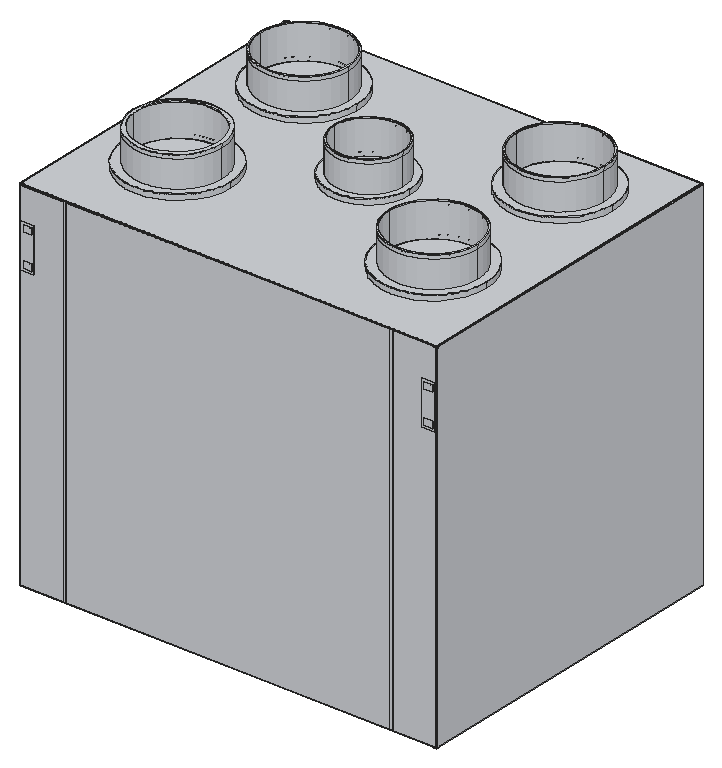
Revit family "Flexit Nordic S 4 R E 800 R 230", category Mechanical Equipment, Revit 2018
Family settings
  Round Connector Dimension = Use Radius
  Part Type = Normal
  Work Plane-Based = No
  Always vertical = Yes
  Cut with Voids When Loaded = No
  Shared = No
  Room Calculation Point = No
Parameters
  magiProductId = "Flexit Nordic S 4 R E 800 R 230"
  magiPartTypeId = 210
  magiFamilyGeom = MagiCAD_Flexit Nordic S 4 R E 800 R 230 : MagiCAD_Flexit Nordic S 4 R E 800 R 230
  Ytelse  SFP-sum vinter [instance] = "0.97 kJ/m³"
  Weight = 0.00 kg
  Vifte, tilluft  Vinter  Vifteinstilling [instance] = "60 %"
  Vifte, avtrekksluft  Vinter  Vifteinstilling [instance] = "60 %"
  VersionID = "1.0/2020.0"
  Varmegjenvinning  Vinter  Komponentvirkningsgrad, tilluft (EN308) [instance] = "85 %"
  Varmegjenvinning  Vinter  Aggregatvirkningsgrad, tilluft (EN13141-7) [instance] = "83 %"
  Uteluft [instance] = "160 mm"
  Tilluftskanal, vinter [instance] = "37 47 54 55 52 52 44 35 dB(A)"
  Tilluft  Trykkfall vinter [instance] = 80.0 Pa
  Tilluft  Luftmengde vinter [instance] = "0.075 m³/s"
  Tilluft [instance] = "160 mm"
  Supply 1 Sound power level [instance] = "63 64 62 58 52 51 43 36 dB"
  Supply 1 Pressure drop min [instance] = 72.0 Pa
  Supply 1 Pressure drop max [instance] = 88.0 Pa
  Supply 1 Pressure drop [instance] = 80.0 Pa
  Supply 1 Airflow operation point min [instance] = 71.25 L/s
  Supply 1 Airflow operation point max [instance] = 78.75 L/s
  Supply 1 Airflow min [instance] = 27.7 L/s
  Supply 1 Airflow max [instance] = 138.8 L/s
  Supply 1 Airflow [instance] = 75.0 L/s
  Resultater  Vekt [instance] = "62 kg"
  Productdata [instance] = "© MagiCAD Group, all rights reserved"
  Pressure rise, supply [instance] = 80.0 Pa
  Pressure rise, extract [instance] = 80.0 Pa
  Outdoor 1 Sound power level [instance] = "63 64 62 58 52 51 43 36 dB"
  Outdoor 1 Pressure drop min [instance] = 0.0 Pa
  Outdoor 1 Pressure drop max [instance] = 0.0 Pa
  Outdoor 1 Pressure drop [instance] = 0.0 Pa
  Outdoor 1 Airflow operation point min [instance] = 71.25 L/s
  Outdoor 1 Airflow operation point max [instance] = 78.75 L/s
  Outdoor 1 Airflow min [instance] = 27.7 L/s
  Outdoor 1 Airflow max [instance] = 138.8 L/s
  Outdoor 1 Airflow [instance] = 75.0 L/s
  Omgivelse, vinter [instance] = "25 30 33 29 28 32 27 22 dB(A)"
  Kjøkkenkanal [instance] = "125 mm"
  Generelt  Informasjon [instance] = ""
  Generelt  Beskrivelse / Plassering [instance] = ""
  Extract 9 Sound power level [instance] = "55 56 55 40 37 34 24 21 dB"
  Extract 9 Pressure drop min [instance] = 0.0 Pa
  Extract 9 Pressure drop max [instance] = 0.0 Pa
  Extract 9 Pressure drop [instance] = 0.0 Pa
  Extract 9 Airflow operation point min [instance] = 71.25 L/s
  Extract 9 Airflow operation point max [instance] = 78.75 L/s
  Extract 9 Airflow min [instance] = 27.7 L/s
  Extract 9 Airflow max [instance] = 138.8 L/s
  Extract 9 Airflow [instance] = 75.0 L/s
  Extract 1 Sound power level [instance] = "55 56 55 40 37 34 24 21 dB"
  Extract 1 Pressure drop min [instance] = 72.0 Pa
  Extract 1 Pressure drop max [instance] = 88.0 Pa
  Extract 1 Pressure drop [instance] = 80.0 Pa
  Extract 1 Airflow operation point min [instance] = 71.25 L/s
  Extract 1 Airflow operation point max [instance] = 78.75 L/s
  Extract 1 Airflow min [instance] = 27.7 L/s
  Extract 1 Airflow max [instance] = 138.8 L/s
  Extract 1 Airflow [instance] = 75.0 L/s
  Exhaust 1 Sound power level [instance] = "55 56 55 40 37 34 24 21 dB"
  Exhaust 1 Pressure drop min [instance] = 0.0 Pa
  Exhaust 1 Pressure drop max [instance] = 0.0 Pa
  Exhaust 1 Pressure drop [instance] = 0.0 Pa
  Exhaust 1 Airflow operation point min [instance] = 71.25 L/s
  Exhaust 1 Airflow operation point max [instance] = 78.75 L/s
  Exhaust 1 Airflow min [instance] = 27.7 L/s
  Exhaust 1 Airflow max [instance] = 138.8 L/s
  Exhaust 1 Airflow [instance] = 75.0 L/s
  Dimensjoner [instance] = "753x600x715 mm"
  Avtrekkskanal, vinter [instance] = "29 40 46 37 37 35 25 20 dB(A)"
  Avtrekk  Trykkfall vinter [instance] = 80.0 Pa
  Avtrekk  Luftmengde vinter [instance] = "0.075 m³/s"
  Avtrekk [instance] = "160 mm"
  Avkast [instance] = "160 mm"
Reference planes
  plane 1 "Center (Front/Back)": y = 0
  plane 2: z = 0
  plane 3 "Center (Left/Right)": x = 0
Forms (mm)
  Extrusion 1, solid, not visible
    sketch origin (146, 174, 715) x (1, 0, 0) y (0, 1, 0)
      loop
        line (15.24, 15.24) -> (-15.24, 15.24) -> (-15.24, -15.24) -> (15.24, -15.24) -> (15.24, 15.24)
    from 0 to -30.48
  Extrusion 2, solid, not visible
    sketch origin (607, 174, 715) x (1, 0, 0) y (0, 1, 0)
      loop
        line (15.24, 15.24) -> (-15.24, 15.24) -> (-15.24, -15.24) -> (15.24, -15.24) -> (15.24, 15.24)
    from 0 to -30.48
  Extrusion 3, solid, not visible
    sketch origin (146, 459, 715) x (1, 0, 0) y (0, 1, 0)
      loop
        line (15.24, 15.24) -> (-15.24, 15.24) -> (-15.24, -15.24) -> (15.24, -15.24) -> (15.24, 15.24)
    from 0 to -30.48
  Extrusion 4, solid, not visible
    sketch origin (376.5, 316, 715) x (1, 0, 0) y (0, 1, 0)
      loop
        line (15.24, 15.24) -> (-15.24, 15.24) -> (-15.24, -15.24) -> (15.24, -15.24) -> (15.24, 15.24)
    from 0 to -30.48
  Extrusion 5, solid, not visible
    sketch origin (607, 459, 715) x (1, 0, 0) y (0, 1, 0)
      loop
        line (15.24, 15.24) -> (-15.24, 15.24) -> (-15.24, -15.24) -> (15.24, -15.24) -> (15.24, 15.24)
    from 0 to -30.48
Text (mm)
  text "© MagiCAD Group, all rights reserved" at (-487.68, -1524, 0), in view "Ref. Level"
Nested families
  nested 1: "MagiCAD_Flexit Nordic S 4 R E 800 R 230" at (0, 0, 0), type <- "magiFamilyGeom", type "MagiCAD_Flexit Nordic S 4 R E 800 R 230"
Connectors
  hvac at (146, 174, 715)
    settings: on Extrusion 1, index 1, duct flow 0.0 L/s, flow factor 0, pres drop 0.0 Pa, loss coef 0, conn angle 0.00°, conn width 304.8 mm, conn height 304.8 mm, conn diameter 160 mm, duct sys type 1, conn prof type 0, flow config 0, flow direction 2, loss method 0, conn ref index -1, conn util no, is conn primary yes, conn desc "Supply 1"
  hvac at (607, 174, 715)
    settings: on Extrusion 2, index 2, duct flow 0.0 L/s, flow factor 0, pres drop 0.0 Pa, loss coef 0, conn angle 0.00°, conn width 304.8 mm, conn height 304.8 mm, conn diameter 160 mm, duct sys type 1, conn prof type 0, flow config 0, flow direction 1, loss method 0, conn ref index -1, conn util no, is conn primary no, conn desc "Outdoor 1"
  hvac at (146, 459, 715)
    settings: on Extrusion 3, index 3, duct flow 0.0 L/s, flow factor 0, pres drop 0.0 Pa, loss coef 0, conn angle 0.00°, conn width 304.8 mm, conn height 304.8 mm, conn diameter 160 mm, duct sys type 2, conn prof type 0, flow config 0, flow direction 1, loss method 0, conn ref index -1, conn util no, is conn primary no, conn desc "Extract 1"
  hvac at (376.5, 316, 715)
    settings: on Extrusion 4, index 4, duct flow 0.0 L/s, flow factor 0, pres drop 0.0 Pa, loss coef 0, conn angle 0.00°, conn width 304.8 mm, conn height 304.8 mm, conn diameter 125 mm, duct sys type 2, conn prof type 0, flow config 0, flow direction 1, loss method 0, conn ref index -1, conn util no, is conn primary no, conn desc "Extract 9"
  hvac at (607, 459, 715)
    settings: on Extrusion 5, index 5, duct flow 0.0 L/s, flow factor 0, pres drop 0.0 Pa, loss coef 0, conn angle 0.00°, conn width 304.8 mm, conn height 304.8 mm, conn diameter 160 mm, duct sys type 3, conn prof type 0, flow config 0, flow direction 2, loss method 0, conn ref index -1, conn util no, is conn primary no, conn desc "Exhaust 1"
Definition of nested family "MagiCAD_Flexit Nordic S 4 R E 800 R 230"
  Reference planes
    plane 1 "Center (Front/Back)": y = 0
    plane 2: z = 0
    plane 3 "Center (Left/Right)": x = 0
  Forms (mm)
    Extrusion 1, solid
      sketch origin (607, 459, 650) x (1, 0, 0) y (0, 1, 0)
        loop
          circle (0, 0) r 79.9
      from 0 to 2
    Extrusion 2, void
      sketch origin (607, 459, 650) x (1, 0, 0) y (0, 1, 0)
        loop
          circle (0, 0) r 79.7
      from 0.2 to 2
    Extrusion 3, solid
      sketch origin (607, 459, 650) x (1, 0, 0) y (0, 1, 0)
        loop
          circle (0, 0) r 80
      from 0 to 65
    Extrusion 4, void
      sketch origin (607, 459, 650) x (1, 0, 0) y (0, 1, 0)
        loop
          circle (0, 0) r 79.8
      from 0 to 65
    Extrusion 5, solid
      sketch origin (607, 459, 650) x (1, 0, 0) y (0, 1, 0)
        loop
          circle (0, 0) r 96
      from 0 to 10
    Extrusion 6, void
      sketch origin (607, 459, 650) x (1, 0, 0) y (0, 1, 0)
        loop
          circle (0, 0) r 95.8
      from 0 to 10
    Extrusion 7, solid
      sketch origin (607, 459, 708.5) x (1, 0, 0) y (0, 1, 0)
        loop
          circle (0, 0) r 80.05
      from 0 to 6.5
    Extrusion 8, void
      sketch origin (607, 459, 708.5) x (1, 0, 0) y (0, 1, 0)
        loop
          circle (0, 0) r 79.85
      from 0 to 6.5
    Extrusion 9, solid
      sketch origin (146, 459, 650) x (1, 0, 0) y (0, 1, 0)
        loop
          circle (0, 0) r 79.9
      from 0 to 2
    Extrusion 10, void
      sketch origin (146, 459, 650) x (1, 0, 0) y (0, 1, 0)
        loop
          circle (0, 0) r 79.7
      from 0.2 to 2
    Extrusion 11, solid
      sketch origin (146, 459, 650) x (1, 0, 0) y (0, 1, 0)
        loop
          circle (0, 0) r 80
      from 0 to 65
    Extrusion 12, void
      sketch origin (146, 459, 650) x (1, 0, 0) y (0, 1, 0)
        loop
          circle (0, 0) r 79.8
      from 0 to 65
    Extrusion 13, solid
      sketch origin (146, 459, 650) x (1, 0, 0) y (0, 1, 0)
        loop
          circle (0, 0) r 96
      from 0 to 10
    Extrusion 14, void
      sketch origin (146, 459, 650) x (1, 0, 0) y (0, 1, 0)
        loop
          circle (0, 0) r 95.8
      from 0 to 10
    Extrusion 15, solid
      sketch origin (146, 459, 708.5) x (1, 0, 0) y (0, 1, 0)
        loop
          circle (0, 0) r 80.05
      from 0 to 6.5
    Extrusion 16, void
      sketch origin (146, 459, 708.5) x (1, 0, 0) y (0, 1, 0)
        loop
          circle (0, 0) r 79.85
      from 0 to 6.5
    Extrusion 17, solid
      sketch origin (607, 174, 650) x (1, 0, 0) y (0, 1, 0)
        loop
          circle (0, 0) r 79.9
      from 0 to 2
    Extrusion 18, void
      sketch origin (607, 174, 650) x (1, 0, 0) y (0, 1, 0)
        loop
          circle (0, 0) r 79.7
      from 0.2 to 2
    Extrusion 19, solid
      sketch origin (607, 174, 650) x (1, 0, 0) y (0, 1, 0)
        loop
          circle (0, 0) r 80
      from 0 to 65
    Extrusion 20, void
      sketch origin (607, 174, 650) x (1, 0, 0) y (0, 1, 0)
        loop
          circle (0, 0) r 79.8
      from 0 to 65
    Extrusion 21, solid
      sketch origin (607, 174, 650) x (1, 0, 0) y (0, 1, 0)
        loop
          circle (0, 0) r 96
      from 0 to 10
    Extrusion 22, void
      sketch origin (607, 174, 650) x (1, 0, 0) y (0, 1, 0)
        loop
          circle (0, 0) r 95.8
      from 0 to 10
    Extrusion 23, solid
      sketch origin (607, 174, 708.5) x (1, 0, 0) y (0, 1, 0)
        loop
          circle (0, 0) r 80.05
      from 0 to 6.5
    Extrusion 24, void
      sketch origin (607, 174, 708.5) x (1, 0, 0) y (0, 1, 0)
        loop
          circle (0, 0) r 79.85
      from 0 to 6.5
    Extrusion 25, solid
      sketch origin (146, 174, 650) x (1, 0, 0) y (0, 1, 0)
        loop
          circle (0, 0) r 79.9
      from 0 to 2
    Extrusion 26, void
      sketch origin (146, 174, 650) x (1, 0, 0) y (0, 1, 0)
        loop
          circle (0, 0) r 79.7
      from 0.2 to 2
    Extrusion 27, solid
      sketch origin (146, 174, 650) x (1, 0, 0) y (0, 1, 0)
        loop
          circle (0, 0) r 80
      from 0 to 65
    Extrusion 28, void
      sketch origin (146, 174, 650) x (1, 0, 0) y (0, 1, 0)
        loop
          circle (0, 0) r 79.8
      from 0 to 65
    Extrusion 29, solid
      sketch origin (146, 174, 650) x (1, 0, 0) y (0, 1, 0)
        loop
          circle (0, 0) r 96
      from 0 to 10
    Extrusion 30, void
      sketch origin (146, 174, 650) x (1, 0, 0) y (0, 1, 0)
        loop
          circle (0, 0) r 95.8
      from 0 to 10
    Extrusion 31, solid
      sketch origin (146, 174, 708.5) x (1, 0, 0) y (0, 1, 0)
        loop
          circle (0, 0) r 80.05
      from 0 to 6.5
    Extrusion 32, void
      sketch origin (146, 174, 708.5) x (1, 0, 0) y (0, 1, 0)
        loop
          circle (0, 0) r 79.85
      from 0 to 6.5
    Extrusion 33, solid
      sketch origin (376.5, 316, 650) x (1, 0, 0) y (0, 1, 0)
        loop
          circle (0, 0) r 62.4
      from 0 to 2
    Extrusion 34, void
      sketch origin (376.5, 316, 650) x (1, 0, 0) y (0, 1, 0)
        loop
          circle (0, 0) r 62.2
      from 0.2 to 2
    Extrusion 35, solid
      sketch origin (376.5, 316, 650) x (1, 0, 0) y (0, 1, 0)
        loop
          circle (0, 0) r 62.5
      from 0 to 65
    Extrusion 36, void
      sketch origin (376.5, 316, 650) x (1, 0, 0) y (0, 1, 0)
        loop
          circle (0, 0) r 62.3
      from 0 to 65
    Extrusion 37, solid
      sketch origin (376.5, 316, 650) x (1, 0, 0) y (0, 1, 0)
        loop
          circle (0, 0) r 75
      from 0 to 10
    Extrusion 38, void
      sketch origin (376.5, 316, 650) x (1, 0, 0) y (0, 1, 0)
        loop
          circle (0, 0) r 74.8
      from 0 to 10
    Extrusion 39, solid
      sketch origin (376.5, 316, 708.5) x (1, 0, 0) y (0, 1, 0)
        loop
          circle (0, 0) r 62.55
      from 0 to 6.5
    Extrusion 40, void
      sketch origin (376.5, 316, 708.5) x (1, 0, 0) y (0, 1, 0)
        loop
          circle (0, 0) r 62.35
      from 0 to 6.5
    Extrusion 41, solid
      sketch origin (607, 459, 660) x (1, 0, 0) y (0, 1, 0)
        loop
          circle (0, 0) r 80.05
        loop
          circle (0, 0) r 96
      from -0.1 to 0.1
    Extrusion 42, solid
      sketch origin (607, 459, 652) x (1, 0, 0) y (0, 1, 0)
        loop
          circle (0, 0) r 79.9
      from -0.1 to 0.1
    Extrusion 43, solid
      sketch origin (607, 459, 715) x (1, 0, 0) y (0, 1, 0)
        loop
          circle (0, 0) r 78
        loop
          circle (0, 0) r 80
      from -0.1 to 0.1
    Extrusion 44, solid
      sketch origin (146, 459, 660) x (1, 0, 0) y (0, 1, 0)
        loop
          circle (0, 0) r 80.05
        loop
          circle (0, 0) r 96
      from -0.1 to 0.1
    Extrusion 45, solid
      sketch origin (146, 459, 652) x (1, 0, 0) y (0, 1, 0)
        loop
          circle (0, 0) r 79.9
      from -0.1 to 0.1
    Extrusion 46, solid
      sketch origin (146, 459, 715) x (1, 0, 0) y (0, 1, 0)
        loop
          circle (0, 0) r 78
        loop
          circle (0, 0) r 80
      from -0.1 to 0.1
    Extrusion 47, solid
      sketch origin (607, 174, 660) x (1, 0, 0) y (0, 1, 0)
        loop
          circle (0, 0) r 80.05
        loop
          circle (0, 0) r 96
      from -0.1 to 0.1
    Extrusion 48, solid
      sketch origin (607, 174, 652) x (1, 0, 0) y (0, 1, 0)
        loop
          circle (0, 0) r 79.9
      from -0.1 to 0.1
    Extrusion 49, solid
      sketch origin (607, 174, 715) x (1, 0, 0) y (0, 1, 0)
        loop
          circle (0, 0) r 78
        loop
          circle (0, 0) r 80
      from -0.1 to 0.1
    Extrusion 50, solid
      sketch origin (146, 174, 660) x (1, 0, 0) y (0, 1, 0)
        loop
          circle (0, 0) r 80.05
        loop
          circle (0, 0) r 96
      from -0.1 to 0.1
    Extrusion 51, solid
      sketch origin (146, 174, 652) x (1, 0, 0) y (0, 1, 0)
        loop
          circle (0, 0) r 79.9
      from -0.1 to 0.1
    Extrusion 52, solid
      sketch origin (146, 174, 715) x (1, 0, 0) y (0, 1, 0)
        loop
          circle (0, 0) r 73.5
        loop
          circle (0, 0) r 80
      from -0.1 to 0.1
    Extrusion 53, solid
      sketch origin (376.5, 316, 660) x (1, 0, 0) y (0, 1, 0)
        loop
          circle (0, 0) r 62.55
        loop
          circle (0, 0) r 75
      from -0.1 to 0.1
    Extrusion 54, solid
      sketch origin (376.5, 316, 652) x (1, 0, 0) y (0, 1, 0)
        loop
          circle (0, 0) r 62.4
      from -0.1 to 0.1
    Extrusion 55, solid
      sketch origin (376.5, 316, 715) x (1, 0, 0) y (0, 1, 0)
        loop
          circle (0, 0) r 60.5
        loop
          circle (0, 0) r 62.5
      from -0.1 to 0.1
    Extrusion 56, solid
      sketch origin (2, 598, 648) x (1, 0, 0) y (0, 1, 0)
        loop
          line (749, 0) -> (749, 2) -> (0, 2) -> (0, 0) -> (749, 0)
      from -0.1 to 0.1
    Extrusion 57, solid
      sketch origin (2, 598, 650) x (0, 0, 1) y (1, 0, 0)
        loop
          line (0, 749) -> (-2, 749) -> (-2, 0) -> (0, 0) -> (0, 749)
      from -0.1 to 0.1
    Extrusion 58, solid
      sketch origin (2, 600, 648) x (1, 0, 0) y (0, -0.707107, 0.707107)
        loop
          line (749, 0) -> (749, 2.828) -> (0, 2.828) -> (0, 0) -> (749, 0)
      from -0.1 to 0.1
    Extrusion 59, solid
      sketch origin (751, 598, 648) x (0, 1, 0) y (0, 0, 1)
        loop
          line (2, 0) -> (0, 2) -> (0, 0) -> (2, 0)
      from -0.1 to 0.1
    Extrusion 60, solid
      sketch origin (2, 598, 648) x (0, 1, 0) y (0, 0, 1)
        loop
          line (2, 0) -> (0, 2) -> (0, 0) -> (2, 0)
      from -0.1 to 0.1
    Extrusion 61, solid
      sketch origin (2, 598, 2) x (0, 0, 1) y (1, 0, 0)
        loop
          line (0, 749) -> (-2, 749) -> (-2, 0) -> (0, 0) -> (0, 749)
      from -0.1 to 0.1
    Extrusion 62, solid
      sketch origin (2, 600, 2) x (0, 1, 0) y (1, 0, 0)
        loop
          line (0, 749) -> (-2, 749) -> (-2, 0) -> (0, 0) -> (0, 749)
      from -0.1 to 0.1
    Extrusion 63, solid
      sketch origin (2, 598, 0) x (1, 0, 0) y (0, 0.707107, 0.707107)
        loop
          line (749, 0) -> (749, 2.828) -> (0, 2.828) -> (0, 0) -> (749, 0)
      from -0.1 to 0.1
    Extrusion 64, solid
      sketch origin (751, 598, 2) x (0, 1, 0) y (0, 0, 1)
        loop
          line (0, -2) -> (2, 0) -> (0, 0) -> (0, -2)
      from -0.1 to 0.1
    Extrusion 65, solid
      sketch origin (2, 598, 2) x (0, 1, 0) y (0, 0, 1)
        loop
          line (0, -2) -> (2, 0) -> (0, 0) -> (0, -2)
      from -0.1 to 0.1
    Extrusion 66, solid
      sketch origin (751, 598, 648) x (0, 1, 0) y (0, 0, 1)
        loop
          line (0, -646) -> (2, -646) -> (2, 0) -> (0, 0) -> (0, -646)
      from -0.1 to 0.1
    Extrusion 67, solid
      sketch origin (753, 598, 648) x (0, 0, 1) y (1, 0, 0)
        loop
          line (-646, 0) -> (-646, -2) -> (0, -2) -> (0, 0) -> (-646, 0)
      from -0.1 to 0.1
    Extrusion 68, solid
      sketch origin (751, 600, 648) x (0.707107, -0.707107, 0) y (0, 0, 1)
        loop
          line (0, -646) -> (2.828, -646) -> (2.828, 0) -> (0, 0) -> (0, -646)
      from -0.1 to 0.1
    Extrusion 69, solid
      sketch origin (751, 598, 2) x (0, 1, 0) y (1, 0, 0)
        loop
          line (2, 0) -> (0, 2) -> (0, 0) -> (2, 0)
      from -0.1 to 0.1
    Extrusion 70, solid
      sketch origin (751, 598, 648) x (0, 1, 0) y (1, 0, 0)
        loop
          line (2, 0) -> (0, 2) -> (0, 0) -> (2, 0)
      from -0.1 to 0.1
    Extrusion 71, solid
      sketch origin (2, 598, 648) x (0, 1, 0) y (0, 0, 1)
        loop
          line (0, -646) -> (2, -646) -> (2, 0) -> (0, 0) -> (0, -646)
      from -0.1 to 0.1
    Extrusion 72, solid
      sketch origin (0, 598, 648) x (0, 0, -1) y (1, 0, 0)
        loop
          line (646, 0) -> (646, 2) -> (0, 2) -> (0, 0) -> (646, 0)
      from -0.1 to 0.1
    Extrusion 73, solid
      sketch origin (2, 600, 648) x (0.707107, 0.707107, 0) y (0, 0, -1)
        loop
          line (0, 646) -> (-2.828, 646) -> (-2.828, 0) -> (0, 0) -> (0, 646)
      from -0.1 to 0.1
    Extrusion 74, solid
      sketch origin (2, 598, 2) x (1, 0, 0) y (0, 1, 0)
        loop
          line (0, 2) -> (-2, 0) -> (0, 0) -> (0, 2)
      from -0.1 to 0.1
    Extrusion 75, solid
      sketch origin (2, 598, 648) x (1, 0, 0) y (0, 1, 0)
        loop
          line (0, 2) -> (-2, 0) -> (0, 0) -> (0, 2)
      from -0.1 to 0.1
    Extrusion 76, solid
      sketch origin (751, 2, 648) x (0, 0, -1) y (1, 0, 0)
        loop
          line (646, 0) -> (646, 2) -> (0, 2) -> (0, 0) -> (646, 0)
      from -0.1 to 0.1
    Extrusion 77, solid
      sketch origin (751, 0, 648) x (0, 1, 0) y (0, 0, 1)
        loop
          line (0, -646) -> (2, -646) -> (2, 0) -> (0, 0) -> (0, -646)
      from -0.1 to 0.1
    Extrusion 78, solid
      sketch origin (753, 2, 648) x (0.707107, 0.707107, 0) y (0, 0, -1)
        loop
          line (0, 646) -> (-2.828, 646) -> (-2.828, 0) -> (0, 0) -> (0, 646)
      from -0.1 to 0.1
    Extrusion 79, solid
      sketch origin (751, 2, 2) x (0, 1, 0) y (1, 0, 0)
        loop
          line (0, 2) -> (-2, 0) -> (0, 0) -> (0, 2)
      from -0.1 to 0.1
    Extrusion 80, solid
      sketch origin (751, 2, 648) x (0, 1, 0) y (1, 0, 0)
        loop
          line (0, 2) -> (-2, 0) -> (0, 0) -> (0, 2)
      from -0.1 to 0.1
    Extrusion 81, solid
      sketch origin (2, 2, 648) x (0, 0, 1) y (1, 0, 0)
        loop
          line (-646, 0) -> (-646, -2) -> (0, -2) -> (0, 0) -> (-646, 0)
      from -0.1 to 0.1
    Extrusion 82, solid
      sketch origin (2, 0, 648) x (0, 1, 0) y (0, 0, 1)
        loop
          line (0, -646) -> (2, -646) -> (2, 0) -> (0, 0) -> (0, -646)
      from -0.1 to 0.1
    Extrusion 83, solid
      sketch origin (0, 2, 648) x (0.707107, -0.707107, 0) y (0, 0, 1)
        loop
          line (0, -646) -> (2.828, -646) -> (2.828, 0) -> (0, 0) -> (0, -646)
      from -0.1 to 0.1
    Extrusion 84, solid
      sketch origin (2, 2, 2) x (1, 0, 0) y (0, 1, 0)
        loop
          line (-2, 0) -> (0, -2) -> (0, 0) -> (-2, 0)
      from -0.1 to 0.1
    Extrusion 85, solid
      sketch origin (2, 2, 648) x (1, 0, 0) y (0, 1, 0)
        loop
          line (-2, 0) -> (0, -2) -> (0, 0) -> (-2, 0)
      from -0.1 to 0.1
    Extrusion 86, solid
      sketch origin (2, 2, 648) x (0, 0, -1) y (1, 0, 0)
        loop
          line (0, 749) -> (-2, 749) -> (-2, 0) -> (0, 0) -> (0, 749)
      from -0.1 to 0.1
    Extrusion 87, solid
      sketch origin (2, 0, 648) x (1, 0, 0) y (0, 1, 0)
        loop
          line (749, 0) -> (749, 2) -> (0, 2) -> (0, 0) -> (749, 0)
      from -0.1 to 0.1
    Extrusion 88, solid
      sketch origin (2, 2, 650) x (1, 0, 0) y (0, -0.707107, -0.707107)
        loop
          line (749, 0) -> (749, 2.828) -> (0, 2.828) -> (0, 0) -> (749, 0)
      from -0.1 to 0.1
    Extrusion 89, solid
      sketch origin (751, 2, 648) x (0, 1, 0) y (0, 0, 1)
        loop
          line (0, 2) -> (-2, 0) -> (0, 0) -> (0, 2)
      from -0.1 to 0.1
    Extrusion 90, solid
      sketch origin (2, 2, 648) x (0, 1, 0) y (0, 0, 1)
        loop
          line (0, 2) -> (-2, 0) -> (0, 0) -> (0, 2)
      from -0.1 to 0.1
    Extrusion 91, solid
      sketch origin (2, 2, 2) x (0, 1, 0) y (1, 0, 0)
        loop
          line (0, 749) -> (-2, 749) -> (-2, 0) -> (0, 0) -> (0, 749)
      from -0.1 to 0.1
    Extrusion 92, solid
      sketch origin (2, 2, 0) x (0, 0, -1) y (1, 0, 0)
        loop
          line (0, 749) -> (-2, 749) -> (-2, 0) -> (0, 0) -> (0, 749)
      from -0.1 to 0.1
    Extrusion 93, solid
      sketch origin (2, 0, 2) x (1, 0, 0) y (0, 0.707107, -0.707107)
        loop
          line (749, 0) -> (749, 2.828) -> (0, 2.828) -> (0, 0) -> (749, 0)
      from -0.1 to 0.1
    Extrusion 94, solid
      sketch origin (751, 2, 2) x (0, 1, 0) y (0, 0, 1)
        loop
          line (-2, 0) -> (0, -2) -> (0, 0) -> (-2, 0)
      from -0.1 to 0.1
    Extrusion 95, solid
      sketch origin (2, 2, 2) x (0, 1, 0) y (0, 0, 1)
        loop
          line (-2, 0) -> (0, -2) -> (0, 0) -> (-2, 0)
      from -0.1 to 0.1
    Extrusion 96, solid
      sketch origin (751, 2, 648) x (0, 1, 0) y (0, 0, 1)
        loop
          line (596, 0) -> (596, 2) -> (0, 2) -> (0, 0) -> (596, 0)
      from -0.1 to 0.1
    Extrusion 97, solid
      sketch origin (753, 2, 648) x (1, 0, 0) y (0, 1, 0)
        loop
          line (0, 596) -> (-2, 596) -> (-2, 0) -> (0, 0) -> (0, 596)
      from -0.1 to 0.1
    Extrusion 98, solid
      sketch origin (751, 2, 650) x (0.707107, 0, -0.707107) y (0, -1, 0)
        loop
          line (0, -596) -> (2.828, -596) -> (2.828, 0) -> (0, 0) -> (0, -596)
      from -0.1 to 0.1
    Extrusion 99, solid
      sketch origin (751, 598, 648) x (0, 0, 1) y (1, 0, 0)
        loop
          line (2, 0) -> (0, 2) -> (0, 0) -> (2, 0)
      from -0.1 to 0.1
    Extrusion 100, solid
      sketch origin (751, 2, 648) x (0, 0, 1) y (1, 0, 0)
        loop
          line (2, 0) -> (0, 2) -> (0, 0) -> (2, 0)
      from -0.1 to 0.1
    Extrusion 101, solid
      sketch origin (751, 2, 2) x (0, 1, 0) y (1, 0, 0)
        loop
          line (596, 0) -> (596, 2) -> (0, 2) -> (0, 0) -> (596, 0)
      from -0.1 to 0.1
    Extrusion 102, solid
      sketch origin (751, 2, 0) x (0, 1, 0) y (0, 0, 1)
        loop
          line (596, 0) -> (596, 2) -> (0, 2) -> (0, 0) -> (596, 0)
      from -0.1 to 0.1
    Extrusion 103, solid
      sketch origin (753, 2, 2) x (0.707107, 0, 0.707107) y (0, 1, 0)
        loop
          line (0, 596) -> (-2.828, 596) -> (-2.828, 0) -> (0, 0) -> (0, 596)
      from -0.1 to 0.1
    Extrusion 104, solid
      sketch origin (751, 598, 2) x (0, 0, 1) y (1, 0, 0)
        loop
          line (0, 2) -> (-2, 0) -> (0, 0) -> (0, 2)
      from -0.1 to 0.1
    Extrusion 105, solid
      sketch origin (751, 2, 2) x (0, 0, 1) y (1, 0, 0)
        loop
          line (0, 2) -> (-2, 0) -> (0, 0) -> (0, 2)
      from -0.1 to 0.1
    Extrusion 106, solid
      sketch origin (2, 2, 648) x (0, 1, 0) y (0, 0, 1)
        loop
          line (596, 0) -> (596, 2) -> (0, 2) -> (0, 0) -> (596, 0)
      from -0.1 to 0.1
    Extrusion 107, solid
      sketch origin (0, 2, 648) x (0, 1, 0) y (1, 0, 0)
        loop
          line (596, 0) -> (596, 2) -> (0, 2) -> (0, 0) -> (596, 0)
      from -0.1 to 0.1
    Extrusion 108, solid
      sketch origin (2, 2, 650) x (0.707107, 0, 0.707107) y (0, 1, 0)
        loop
          line (0, 596) -> (-2.828, 596) -> (-2.828, 0) -> (0, 0) -> (0, 596)
      from -0.1 to 0.1
    Extrusion 109, solid
      sketch origin (2, 598, 648) x (0, 0, -1) y (1, 0, 0)
        loop
          line (-2, 0) -> (0, -2) -> (0, 0) -> (-2, 0)
      from -0.1 to 0.1
    Extrusion 110, solid
      sketch origin (2, 2, 648) x (0, 0, -1) y (1, 0, 0)
        loop
          line (-2, 0) -> (0, -2) -> (0, 0) -> (-2, 0)
      from -0.1 to 0.1
    Extrusion 111, solid
      sketch origin (2, 2, 2) x (1, 0, 0) y (0, 1, 0)
        loop
          line (0, 596) -> (-2, 596) -> (-2, 0) -> (0, 0) -> (0, 596)
      from -0.1 to 0.1
    Extrusion 112, solid
      sketch origin (2, 2, 0) x (0, 1, 0) y (0, 0, 1)
        loop
          line (596, 0) -> (596, 2) -> (0, 2) -> (0, 0) -> (596, 0)
      from -0.1 to 0.1
    Extrusion 113, solid
      sketch origin (0, 2, 2) x (0.707107, 0, -0.707107) y (0, -1, 0)
        loop
          line (0, -596) -> (2.828, -596) -> (2.828, 0) -> (0, 0) -> (0, -596)
      from -0.1 to 0.1
    Extrusion 114, solid
      sketch origin (2, 598, 2) x (0, 0, -1) y (1, 0, 0)
        loop
          line (0, -2) -> (2, 0) -> (0, 0) -> (0, -2)
      from -0.1 to 0.1
    Extrusion 115, solid
      sketch origin (2, 2, 2) x (0, 0, -1) y (1, 0, 0)
        loop
          line (0, -2) -> (2, 0) -> (0, 0) -> (0, -2)
      from -0.1 to 0.1
    Extrusion 116, solid
      sketch origin (2, 2, 648) x (0, -1, 0) y (0, 0, 1)
        loop
          line (0, 2) -> (-596, 2) -> (-596, 0) -> (0, 0) -> (0, 2)
      from -0.1 to 0.1
    Extrusion 117, solid
      sketch origin (751, 2, 648) x (0, 0, -1) y (1, 0, 0)
        loop
          line (-2, 0) -> (-2, -749) -> (0, -749) -> (0, 0) -> (-2, 0)
      from -0.1 to 0.1
    Extrusion 118, solid
      sketch origin (751, 598, 648) x (0, 1, 0) y (0, 0, 1)
        loop
          line (0, 2) -> (-596, 2) -> (-596, 0) -> (0, 0) -> (0, 2)
      from -0.1 to 0.1
    Extrusion 119, solid
      sketch origin (2, 598, 648) x (0, 0, 1) y (1, 0, 0)
        loop
          line (2, 0) -> (2, 749) -> (0, 749) -> (0, 0) -> (2, 0)
      from -0.1 to 0.1
    Extrusion 120, solid
      sketch origin (751, 2, 650) x (1, 0, 0) y (0, 1, 0)
        loop
          line (0, 596) -> (-749, 596) -> (-749, 0) -> (0, 0) -> (0, 596)
      from -0.1 to 0.1
    Extrusion 121, solid
      sketch origin (751, 2, 648) x (1, 0, 0) y (0, 1, 0)
        loop
          line (0, 596) -> (-749, 596) -> (-749, 0) -> (0, 0) -> (0, 596)
      from -0.1 to 0.1
    Extrusion 122, solid
      sketch origin (2, 2, 2) x (0, 0, 1) y (1, 0, 0)
        loop
          line (0, -2) -> (646, -2) -> (646, 0) -> (0, 0) -> (0, -2)
      from -0.1 to 0.1
    Extrusion 123, solid
      sketch origin (2, 598, 2) x (1, 0, 0) y (0, 1, 0)
        loop
          line (-2, 0) -> (-2, -596) -> (0, -596) -> (0, 0) -> (-2, 0)
      from -0.1 to 0.1
    Extrusion 124, solid
      sketch origin (2, 598, 648) x (0, 0, -1) y (1, 0, 0)
        loop
          line (0, -2) -> (646, -2) -> (646, 0) -> (0, 0) -> (0, -2)
      from -0.1 to 0.1
    Extrusion 125, solid
      sketch origin (2, 2, 648) x (0, 1, 0) y (1, 0, 0)
        loop
          line (0, -2) -> (596, -2) -> (596, 0) -> (0, 0) -> (0, -2)
      from -0.1 to 0.1
    Extrusion 126, solid
      sketch origin (0, 2, 2) x (0, -1, 0) y (0, 0, 1)
        loop
          line (0, 646) -> (-596, 646) -> (-596, 0) -> (0, 0) -> (0, 646)
      from -0.1 to 0.1
    Extrusion 127, solid
      sketch origin (2, 2, 2) x (0, -1, 0) y (0, 0, 1)
        loop
          line (0, 646) -> (-596, 646) -> (-596, 0) -> (0, 0) -> (0, 646)
      from -0.1 to 0.1
    Extrusion 128, solid
      sketch origin (2, 598, 2) x (0, 1, 0) y (0, 0, 1)
        loop
          line (2, 0) -> (2, 646) -> (0, 646) -> (0, 0) -> (2, 0)
      from -0.1 to 0.1
    Extrusion 129, solid
      sketch origin (751, 598, 2) x (1, 0, 0) y (0, 1, 0)
        loop
          line (0, 2) -> (-749, 2) -> (-749, 0) -> (0, 0) -> (0, 2)
      from -0.1 to 0.1
    Extrusion 130, solid
      sketch origin (751, 598, 648) x (0, -1, 0) y (0, 0, 1)
        loop
          line (-2, 0) -> (-2, -646) -> (0, -646) -> (0, 0) -> (-2, 0)
      from -0.1 to 0.1
    Extrusion 131, solid
      sketch origin (2, 598, 648) x (0, 1, 0) y (1, 0, 0)
        loop
          line (2, 0) -> (2, 749) -> (0, 749) -> (0, 0) -> (2, 0)
      from -0.1 to 0.1
    Extrusion 132, solid
      sketch origin (2, 600, 2) x (0, 0, 1) y (1, 0, 0)
        loop
          line (646, 0) -> (646, 749) -> (0, 749) -> (0, 0) -> (646, 0)
      from -0.1 to 0.1
    Extrusion 133, solid
      sketch origin (2, 598, 2) x (0, 0, 1) y (1, 0, 0)
        loop
          line (646, 0) -> (646, 749) -> (0, 749) -> (0, 0) -> (646, 0)
      from -0.1 to 0.1
    Extrusion 134, solid
      sketch origin (751, 598, 2) x (0, 0, -1) y (1, 0, 0)
        loop
          line (0, 2) -> (-646, 2) -> (-646, 0) -> (0, 0) -> (0, 2)
      from -0.1 to 0.1
    Extrusion 135, solid
      sketch origin (751, 2, 2) x (1, 0, 0) y (0, 1, 0)
        loop
          line (2, 0) -> (2, 596) -> (0, 596) -> (0, 0) -> (2, 0)
      from -0.1 to 0.1
    Extrusion 136, solid
      sketch origin (751, 2, 648) x (0, 0, 1) y (1, 0, 0)
        loop
          line (0, 2) -> (-646, 2) -> (-646, 0) -> (0, 0) -> (0, 2)
      from -0.1 to 0.1
    Extrusion 137, solid
      sketch origin (751, 598, 648) x (0, 1, 0) y (1, 0, 0)
        loop
          line (0, 2) -> (-596, 2) -> (-596, 0) -> (0, 0) -> (0, 2)
      from -0.1 to 0.1
    Extrusion 138, solid
      sketch origin (753, 598, 2) x (0, 1, 0) y (0, 0, 1)
        loop
          line (0, 646) -> (-596, 646) -> (-596, 0) -> (0, 0) -> (0, 646)
      from -0.1 to 0.1
    Extrusion 139, solid
      sketch origin (751, 598, 2) x (0, 1, 0) y (0, 0, 1)
        loop
          line (0, 646) -> (-596, 646) -> (-596, 0) -> (0, 0) -> (0, 646)
      from -0.1 to 0.1
    Extrusion 140, solid
      sketch origin (2, 2, 2) x (0, 1, 0) y (0, 0, 1)
        loop
          line (0, -2) -> (596, -2) -> (596, 0) -> (0, 0) -> (0, -2)
      from -0.1 to 0.1
    Extrusion 141, solid
      sketch origin (751, 2, 2) x (0, 0, 1) y (1, 0, 0)
        loop
          line (-2, 0) -> (-2, -749) -> (0, -749) -> (0, 0) -> (-2, 0)
      from -0.1 to 0.1
    Extrusion 142, solid
      sketch origin (751, 598, 2) x (0, -1, 0) y (0, 0, 1)
        loop
          line (0, -2) -> (596, -2) -> (596, 0) -> (0, 0) -> (0, -2)
      from -0.1 to 0.1
    Extrusion 143, solid
      sketch origin (2, 598, 2) x (0, 0, -1) y (1, 0, 0)
        loop
          line (2, 0) -> (2, 749) -> (0, 749) -> (0, 0) -> (2, 0)
      from -0.1 to 0.1
    Extrusion 144, solid
      sketch origin (2, 2, 0) x (0, 1, 0) y (1, 0, 0)
        loop
          line (596, 0) -> (596, 749) -> (0, 749) -> (0, 0) -> (596, 0)
      from -0.1 to 0.1
    Extrusion 145, solid
      sketch origin (2, 2, 2) x (0, 1, 0) y (1, 0, 0)
        loop
          line (596, 0) -> (596, 749) -> (0, 749) -> (0, 0) -> (596, 0)
      from -0.1 to 0.1
    Extrusion 146, solid
      sketch origin (751, 600, 648) x (0.816497, -0.408248, -0.408248) y (0, -0.707107, 0.707107)
        loop
          line (2.449, 1.414) -> (0, 2.828) -> (0, 0) -> (2.449, 1.414)
      from -0.1 to 0.1
    Extrusion 147, solid
      sketch origin (751, 2, 0) x (0.816497, 0.408248, 0.408248) y (0, 0.707107, -0.707107)
        loop
          line (0, -2.828) -> (2.449, -1.414) -> (0, 0) -> (0, -2.828)
      from -0.1 to 0.1
    Extrusion 148, solid
      sketch origin (753, 2, 648) x (0.816497, 0.408248, -0.408248) y (0, 0.707107, 0.707107)
        loop
          line (-2.449, 1.414) -> (-2.449, -1.414) -> (0, 0) -> (-2.449, 1.414)
      from -0.1 to 0.1
    Extrusion 149, solid
      sketch origin (2, 600, 648) x (0.816497, 0.408248, 0.408248) y (0, 0.707107, -0.707107)
        loop
          line (-2.449, -1.414) -> (0, -2.828) -> (0, 0) -> (-2.449, -1.414)
      from -0.1 to 0.1
    Extrusion 150, solid
      sketch origin (0, 598, 2) x (0.816497, 0.408248, -0.408248) y (0, -0.707107, -0.707107)
        loop
          line (2.449, -1.414) -> (2.449, 1.414) -> (0, 0) -> (2.449, -1.414)
      from -0.1 to 0.1
    Extrusion 151, solid
      sketch origin (0, 2, 648) x (0.816497, -0.408248, 0.408248) y (0, 0.707107, 0.707107)
        loop
          line (2.449, -1.414) -> (2.449, 1.414) -> (0, 0) -> (2.449, -1.414)
      from -0.1 to 0.1
    Extrusion 152, solid
      sketch origin (751, 0, 648) x (0, 0, -1) y (1, 0, 0)
        loop
          line (0, -749) -> (646, -749) -> (646, 0) -> (0, 0) -> (0, -749)
      from -0.1 to 0.1
    Extrusion 153, solid
      sketch origin (751, 598, 0) x (0.816497, -0.408248, 0.408248) y (0, 0.707107, 0.707107)
        loop
          line (2.449, 1.414) -> (0, 2.828) -> (0, 0) -> (2.449, 1.414)
      from -0.1 to 0.1
    Extrusion 154, solid
      sketch origin (2, 2, 0) x (0.816497, -0.408248, -0.408248) y (0, 0.707107, -0.707107)
        loop
          line (-2.449, -1.414) -> (0, -2.828) -> (0, 0) -> (-2.449, -1.414)
      from -0.1 to 0.1
    Extrusion 155, solid
      sketch origin (668.725, -0.1, 648) x (0, 0, 1) y (1, 0, 0)
        loop
          line (0, 4) -> (-646, 4) -> (-646, 0) -> (0, 0) -> (0, 4)
      from -0.1 to 0.1
    Extrusion 156, solid
      sketch origin (84.275, -0.1, 648) x (0, 0, -1) y (1, 0, 0)
        loop
          line (0, -4) -> (646, -4) -> (646, 0) -> (0, 0) -> (0, -4)
      from -0.1 to 0.1
    Extrusion 157, solid
      sketch origin (725.561, -0.1, 589.294) x (0, 0, 1) y (1, 0, 0)
        loop
          line (0, 23.483) -> (-78.275, 23.483) -> (-78.275, 0) -> (0, 0) -> (0, 23.483)
      from -0.1 to 0.1
    Extrusion 158, solid
      sketch origin (27.439, -0.1, 589.294) x (0, 0, -1) y (1, 0, 0)
        loop
          line (0, -23.483) -> (78.275, -23.483) -> (78.275, 0) -> (0, 0) -> (0, -23.483)
      from -0.1 to 0.1
    Extrusion 159, solid
      sketch origin (729.474, -0.2, 526.674) x (0, 0, 1) y (1, 0, 0)
        loop
          line (0, 15.655) -> (-11.741, 15.655) -> (-11.741, 0) -> (0, 0) -> (0, 15.655)
      from -0.1 to 0.1
    Extrusion 160, solid
      sketch origin (729.474, -0.2, 573.639) x (0, 0, -1) y (1, 0, 0)
        loop
          line (0, 15.655) -> (-11.741, 15.655) -> (-11.741, 0) -> (0, 0) -> (0, 15.655)
      from -0.1 to 0.1
    Extrusion 161, solid
      sketch origin (23.526, -0.2, 526.674) x (0, 0, -1) y (1, 0, 0)
        loop
          line (0, -15.655) -> (11.741, -15.655) -> (11.741, 0) -> (0, 0) -> (0, -15.655)
      from -0.1 to 0.1
    Extrusion 162, solid
      sketch origin (23.526, -0.2, 573.639) x (0, 0, 1) y (1, 0, 0)
        loop
          line (0, -15.655) -> (11.741, -15.655) -> (11.741, 0) -> (0, 0) -> (0, -15.655)
      from -0.1 to 0.1
  Cuts and joins
    Extrusion 2 cuts Extrusion 1
    Extrusion 4 cuts Extrusion 3
    Extrusion 6 cuts Extrusion 5
    Extrusion 8 cuts Extrusion 7
    Extrusion 10 cuts Extrusion 9
    Extrusion 12 cuts Extrusion 11
    Extrusion 14 cuts Extrusion 13
    Extrusion 16 cuts Extrusion 15
    Extrusion 18 cuts Extrusion 17
    Extrusion 20 cuts Extrusion 19
    Extrusion 22 cuts Extrusion 21
    Extrusion 24 cuts Extrusion 23
    Extrusion 26 cuts Extrusion 25
    Extrusion 28 cuts Extrusion 27
    Extrusion 30 cuts Extrusion 29
    Extrusion 32 cuts Extrusion 31
    Extrusion 34 cuts Extrusion 33
    Extrusion 36 cuts Extrusion 35
    Extrusion 38 cuts Extrusion 37
    Extrusion 40 cuts Extrusion 39
  Lines and regions (mm)
    model lines
      curve 1: line (751, 26, 650.05) -> (753.05, 26, 648)
      curve 2: line (2, 26, 650.05) -> (-0.05, 26, 648)
      curve 3: line (2, 26, 650.1) -> (751, 26, 650.05)
      curve 4: line (2, 26, -0.1) -> (751, 26, -0.05)
      curve 5: line (753.05, 26, 648) -> (753.1, 26, 2)
      curve 6: line (-0.05, 26, 648) -> (-0.1, 26, 2)
      curve 7: line (751, 26, 0) -> (753.1, 26, 2)
      curve 8: line (2.1, 26, 0) -> (0, 26, 2)
  Dimensions and locks
    aligned and locked: level to plane 2
